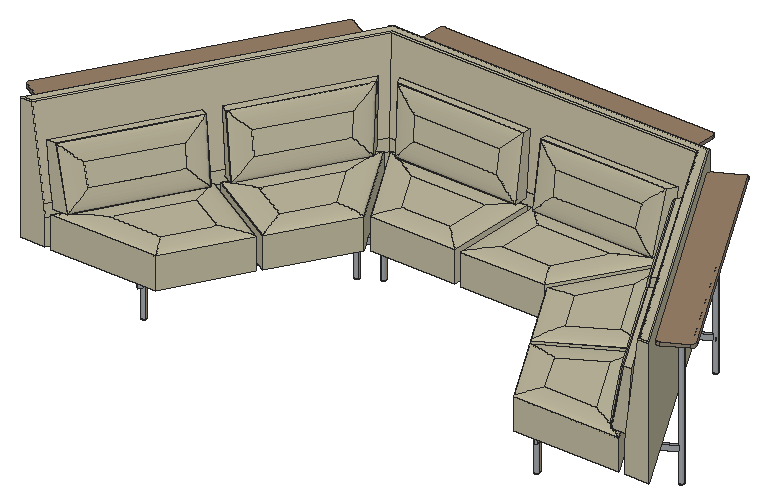
Revit family "Reveal Mid Back 983-173AS", category Furniture, Revit 2016
Family settings
  OmniClass Number = 23.40.20.00
  OmniClass Title = General Furniture and Specialties
  Work Plane-Based = No
  Always vertical = Yes
  Cut with Voids When Loaded = No
  Shared = No
  Room Calculation Point = No
Parameters
  URL = "http://www.martinbrattrud.com"
  Table Top [instance] = none
  SCS Certified Product = "Yes"
  Model = "Reveal 983-173 AS"
  Manufacturer = "Martin Brattrud, Inc."
  Leg = none
  Keynote = "125000"
  Copyright = "© 2013 Martin Brattrud, Inc."
  Chair [instance] = none
  Back Cushion [instance] = none
  Authoring Version = "Revit Architecture 2010"
  Assembly Code = "E2020200"
Reference planes
  plane 1 "Center Front/Back": y = 0
  plane 2: z = 0
  plane 3 "Center Left/Right": x = 0
  plane 4: z = 0
  plane 5: z = 1060.45
Forms (mm)
  Sweep 1, solid, material <- "Chair"
    path in 3D
      loop
        line (-19.05, -390.525, 431.8) -> (-19.05, 212.725, 431.8) -> (-926.137, 212.725, 431.8) -> (-577.85, -390.525, 431.8) -> (-19.05, -390.525, 431.8)
    profile origin (-298.45, -390.525, 431.8) x (0, 1, 0) y (0, 0, 1)
      loop
        line (153.194, 0) -> (153.194, 19.05)
        spline (153.194, 19.05) -> (133.302, 18.887) -> (113.75, 18.401) -> (94.873, 17.6) -> (76.994, 16.498) -> (60.419, 15.113) -> (45.431, 13.47) -> (32.287, 11.597) -> (21.211, 9.525) -> (12.395, 7.29) -> (5.987, 4.931) -> (2.098, 2.487) -> (0.794, 0)
        line (0.794, 0) -> (153.194, 0)
  Extrusion 2, void
    sketch origin (0, -938.609, 558.8) x (0, 1, 0) y (0, 0, 1)
      loop
        line (-471.831, 501.65) -> (-471.037, 501.65)
        arc (-471.037, 501.65) -> (-469.178, 506.14) -> (-464.687, 508) r 6.35
        line (-464.687, 508) -> (-464.687, 514.35) -> (-560.731, 514.35) -> (-560.731, -330.2) -> (-471.831, -330.2) -> (-471.831, 501.65)
    from -2133.6 to 2133.6
  Extrusion 3, solid, material <- "Leg"
    sketch origin (0, 0, 0) x (1, 0, 0) y (0, 1, 0)
      loop
        line (-603.25, 494.783) -> (-603.25, 146.05) -> (-909.639, 146.05) -> (-1062.833, -119.29) -> (-1365.293, 55.335) -> (-1374.818, 38.837) -> (-1072.358, -135.788) -> (-1656.558, -1147.652) -> (-1959.018, -973.027) -> (-1968.543, -989.525) -> (-1319.63, -1364.175) -> (-1333.917, -1388.922) -> (-1317.419, -1398.447) -> (-667.671, -273.05) -> (667.671, -273.05) -> (1317.419, -1398.447) -> (1333.917, -1388.922) -> (1319.63, -1364.175) -> (1968.543, -989.525) -> (1959.018, -973.027) -> (1656.558, -1147.652) -> (1072.358, -135.788) -> (1374.818, 38.837) -> (1365.293, 55.335) -> (1062.833, -119.29) -> (909.639, 146.05) -> (603.25, 146.05) -> (603.25, 494.783) -> (584.2, 494.783) -> (584.2, 146.05) -> (-584.2, 146.05) -> (-584.2, 494.783) -> (-603.25, 494.783)
      loop
        line (-584.2, -254) -> (-127, -254) -> (-127, 127) -> (-584.2, 127) -> (-584.2, -254)
      loop
        line (-603.25, -254) -> (-603.25, 127) -> (-898.64, 127) -> (-1046.335, -128.815) -> (-716.38, -319.315) -> (-678.67, -254) -> (-603.25, -254)
      loop
        line (-107.95, 127) -> (-107.95, -254) -> (107.95, -254) -> (107.95, 127) -> (-107.95, 127)
      loop
        line (584.2, -254) -> (584.2, 127) -> (127, 127) -> (127, -254) -> (584.2, -254)
      loop
        line (-725.905, -335.813) -> (-1055.86, -145.313) -> (-1284.46, -541.26) -> (-954.505, -731.76) -> (-725.905, -335.813)
      loop
        line (-1401.935, -744.733) -> (-1071.98, -935.233) -> (-964.03, -748.258) -> (-1293.985, -557.758) -> (-1401.935, -744.733)
      loop
        line (-1081.505, -951.731) -> (-1411.46, -761.231) -> (-1640.06, -1157.177) -> (-1310.105, -1347.677) -> (-1081.505, -951.731)
      loop
        line (603.25, -254) -> (678.67, -254) -> (716.38, -319.315) -> (1046.335, -128.815) -> (898.64, 127) -> (603.25, 127) -> (603.25, -254)
      loop
        line (725.905, -335.813) -> (954.505, -731.76) -> (1284.46, -541.26) -> (1055.86, -145.313) -> (725.905, -335.813)
      loop
        line (1401.935, -744.733) -> (1293.985, -557.758) -> (964.03, -748.258) -> (1071.98, -935.233) -> (1401.935, -744.733)
      loop
        line (1081.505, -951.731) -> (1310.105, -1347.677) -> (1640.06, -1157.177) -> (1411.46, -761.231) -> (1081.505, -951.731)
    from 190.472 to 228.6
  Extrusion 4, solid, material <- "Leg"
    sketch origin (0, 0, 0) x (1, 0, 0) y (0, 1, 0)
      loop
        line (-584.2, 276.225) -> (584.2, 276.225) -> (584.2, 352.425) -> (-584.2, 352.425) -> (-584.2, 276.225)
      loop
        line (-1769.293, -1082.565) -> (-1185.093, -70.701) -> (-1251.084, -32.601) -> (-1835.284, -1044.465) -> (-1769.293, -1082.565)
      loop
        line (1769.293, -1082.565) -> (1835.284, -1044.465) -> (1251.084, -32.601) -> (1185.093, -70.701) -> (1769.293, -1082.565)
    from 203.2 to 228.6
  Sweep 5, solid, material <- "Chair"
    path origin (0, 0, 0) x (1, 0, 0) y (0, 1, 0)
      loop
        line (2090.574, -1410.441) -> (1050.786, 390.525) -> (-1050.786, 390.525) -> (-2090.574, -1410.441)
    profile origin (0, 390.525, 0) x (0, -1, 0) y (0, 0, 1)
      loop
        line (0, 1060.45) -> (0, 228.6) -> (139.7, 228.6) -> (139.7, 401.904)
        arc (139.7, 401.904) -> (138.491, 441.381) -> (134.868, 480.71) r 645.001
        line (134.868, 480.71) -> (63.5, 1060.45) -> (0, 1060.45)
  Extrusion 6, solid, material <- "Chair"
    sketch origin (0, 0, 0) x (1, 0, 0) y (0, 1, 0)
      loop
        line (-1431.725, -624.881) -> (-1885.269, -1410.441) -> (-1188.696, -1410.441) -> (-909.296, -926.506) -> (-1431.725, -624.881)
      loop
        line (-610.846, -409.575) -> (-959.132, 193.675) -> (-1412.675, -591.885) -> (-890.246, -893.51) -> (-610.846, -409.575)
      loop
        line (-926.137, 212.725) -> (-577.85, -390.525) -> (-19.05, -390.525) -> (-19.05, 212.725) -> (-926.137, 212.725)
      loop
        line (1431.725, -624.881) -> (909.296, -926.506) -> (1188.696, -1410.441) -> (1885.269, -1410.441) -> (1431.725, -624.881)
      loop
        line (610.846, -409.575) -> (890.246, -893.51) -> (1412.675, -591.885) -> (959.132, 193.675) -> (610.846, -409.575)
      loop
        line (926.137, 212.725) -> (19.05, 212.725) -> (19.05, -390.525) -> (577.85, -390.525) -> (926.137, 212.725)
    from 228.6 to 431.8
  Extrusion 7, solid, material <- "Chair"
    sketch origin (0, 0, 0) x (1, 0, 0) y (0, 1, 0)
      loop
        line (-660.797, 59.531) -> (-489.404, -237.331) -> (-172.244, -237.331) -> (-172.244, 59.531) -> (-660.797, 59.531)
    from 431.8 to 450.85
  Sweep 8, solid, material <- "Chair"
    path in 3D
      loop
        line (19.05, -390.525, 431.8) -> (19.05, 212.725, 431.8) -> (926.137, 212.725, 431.8) -> (577.85, -390.525, 431.8) -> (19.05, -390.525, 431.8)
    profile origin (298.45, -390.525, 431.8) x (0, -1, 0) y (0, 0, 1)
      loop
        line (-153.194, 0) -> (-0.794, 0)
        spline (-0.794, 0) -> (-2.098, 2.487) -> (-5.987, 4.931) -> (-12.395, 7.29) -> (-21.211, 9.525) -> (-32.287, 11.597) -> (-45.431, 13.47) -> (-60.419, 15.113) -> (-76.994, 16.498) -> (-94.873, 17.6) -> (-113.75, 18.401) -> (-133.302, 18.887) -> (-153.194, 19.05)
        line (-153.194, 19.05) -> (-153.194, 0)
  Extrusion 9, solid, material <- "Chair"
    sketch origin (0, 0, 0) x (-1, 0, 0) y (0, -1, 0)
      loop
        line (-660.797, -59.531) -> (-172.244, -59.531) -> (-172.244, 237.331) -> (-489.404, 237.331) -> (-660.797, -59.531)
    from 431.8 to 450.85
  Sweep 10, solid, material <- "Chair"
    path in 3D
      loop
        line (-909.296, -926.506, 431.8) -> (-1431.725, -624.881, 431.8) -> (-1885.269, -1410.441, 431.8) -> (-1188.696, -1410.441, 431.8) -> (-909.296, -926.506, 431.8)
    profile origin (-1048.996, -1168.473, 431.8) x (-0.866025, 0.5, 0) y (0, 0, 1)
      loop
        line (153.194, 0) -> (153.194, 19.05)
        spline (153.194, 19.05) -> (133.302, 18.887) -> (113.75, 18.401) -> (94.873, 17.6) -> (76.994, 16.498) -> (60.419, 15.113) -> (45.431, 13.47) -> (32.287, 11.597) -> (21.211, 9.525) -> (12.395, 7.29) -> (5.987, 4.931) -> (2.098, 2.487) -> (0.794, 0)
        line (0.794, 0) -> (153.194, 0)
  Extrusion 11, solid, material <- "Chair"
    sketch origin (-1237.975, -714.745, 0) x (0.5, 0.866025, 0) y (-0.866025, 0.5, 0)
      loop
        line (-660.797, 59.531) -> (-489.404, -237.331) -> (-172.244, -237.331) -> (-172.244, 59.531) -> (-660.797, 59.531)
    from 431.8 to 450.85
  Sweep 12, solid, material <- "Chair"
    path in 3D
      loop
        line (-890.246, -893.51, 431.8) -> (-1412.675, -591.885, 431.8) -> (-959.132, 193.675, 431.8) -> (-610.846, -409.575, 431.8) -> (-890.246, -893.51, 431.8)
    profile origin (-750.546, -651.542, 431.8) x (0.866025, -0.5, 0) y (0, 0, 1)
      loop
        line (-153.194, 0) -> (-0.794, 0)
        spline (-0.794, 0) -> (-2.098, 2.487) -> (-5.987, 4.931) -> (-12.395, 7.29) -> (-21.211, 9.525) -> (-32.287, 11.597) -> (-45.431, 13.47) -> (-60.419, 15.113) -> (-76.994, 16.498) -> (-94.873, 17.6) -> (-113.75, 18.401) -> (-133.302, 18.887) -> (-153.194, 19.05)
        line (-153.194, 19.05) -> (-153.194, 0)
  Extrusion 13, solid, material <- "Chair"
    sketch origin (-1237.975, -714.745, 0) x (-0.5, -0.866025, 0) y (0.866025, -0.5, 0)
      loop
        line (-660.797, -59.531) -> (-172.244, -59.531) -> (-172.244, 237.331) -> (-489.404, 237.331) -> (-660.797, -59.531)
    from 431.8 to 450.85
  Sweep 14, solid, material <- "Chair"
    path in 3D
      loop
        line (909.296, -926.506, 431.8) -> (1431.725, -624.881, 431.8) -> (1885.269, -1410.441, 431.8) -> (1188.696, -1410.441, 431.8) -> (909.296, -926.506, 431.8)
    profile origin (1048.996, -1168.473, 431.8) x (-0.866025, -0.5, 0) y (0, 0, 1)
      loop
        line (-153.194, 0) -> (-0.794, 0)
        spline (-0.794, 0) -> (-2.098, 2.487) -> (-5.987, 4.931) -> (-12.395, 7.29) -> (-21.211, 9.525) -> (-32.287, 11.597) -> (-45.431, 13.47) -> (-60.419, 15.113) -> (-76.994, 16.498) -> (-94.873, 17.6) -> (-113.75, 18.401) -> (-133.302, 18.887) -> (-153.194, 19.05)
        line (-153.194, 19.05) -> (-153.194, 0)
  Extrusion 15, solid, material <- "Chair"
    sketch origin (1237.975, -714.745, 0) x (-0.5, 0.866025, 0) y (-0.866025, -0.5, 0)
      loop
        line (-660.797, -59.531) -> (-172.244, -59.531) -> (-172.244, 237.331) -> (-489.404, 237.331) -> (-660.797, -59.531)
    from 431.8 to 450.85
  Sweep 16, solid, material <- "Chair"
    path in 3D
      loop
        line (890.246, -893.51, 431.8) -> (1412.675, -591.885, 431.8) -> (959.132, 193.675, 431.8) -> (610.846, -409.575, 431.8) -> (890.246, -893.51, 431.8)
    profile origin (750.546, -651.542, 431.8) x (0.866025, 0.5, 0) y (0, 0, 1)
      loop
        line (153.194, 0) -> (153.194, 19.05)
        spline (153.194, 19.05) -> (133.302, 18.887) -> (113.75, 18.401) -> (94.873, 17.6) -> (76.994, 16.498) -> (60.419, 15.113) -> (45.431, 13.47) -> (32.287, 11.597) -> (21.211, 9.525) -> (12.395, 7.29) -> (5.987, 4.931) -> (2.098, 2.487) -> (0.794, 0)
        line (0.794, 0) -> (153.194, 0)
  Extrusion 17, solid, material <- "Chair"
    sketch origin (1237.975, -714.745, 0) x (0.5, -0.866025, 0) y (0.866025, 0.5, 0)
      loop
        line (-660.797, 59.531) -> (-489.404, -237.331) -> (-172.244, -237.331) -> (-172.244, 59.531) -> (-660.797, 59.531)
    from 431.8 to 450.85
  Sweep 18, solid, material <- "Chair"
    path origin (0, 0, 0) x (1, 0, 0) y (0, 1, 0)
      loop
        line (-1965.11, -1372.341) -> (-999.053, 300.919) -> (999.053, 300.919) -> (1965.11, -1372.341)
    profile origin (0, 300.919, 0) x (0, 1, 0) y (0, 0, 1)
      loop
        line (-48.848, 447.17) -> (-16.628, 844.552) -> (-67.428, 844.552) -> (-136.165, 447.17) -> (-48.848, 447.17)
  Extrusion 19, void
    sketch origin (0, 0, 0) x (1, 0, 0) y (0, 1, 0)
      loop
        line (-1527.154, -613.779) -> (-1401.282, -686.451) -> (-1344.132, -587.464) -> (-1470.004, -514.792) -> (-1527.154, -613.779)
      loop
        line (-930.152, 67.28) -> (-831.165, 124.43) -> (-950.632, 331.352) -> (-1049.618, 274.202) -> (-930.152, 67.28)
      loop
        line (-1797.28, -1372.341) -> (-1968.73, -1372.341) -> (-1968.73, -1467.591) -> (-1797.28, -1467.591) -> (-1797.28, -1372.341)
      loop
        line (1527.154, -613.779) -> (1470.004, -514.792) -> (1344.132, -587.464) -> (1401.282, -686.451) -> (1527.154, -613.779)
      loop
        line (930.152, 67.28) -> (1049.618, 274.202) -> (950.632, 331.352) -> (831.165, 124.43) -> (930.152, 67.28)
      loop
        line (1797.28, -1372.341) -> (1797.28, -1467.591) -> (1968.73, -1467.591) -> (1968.73, -1372.341) -> (1797.28, -1372.341)
      loop
        line (-57.15, 300.919) -> (-57.15, 155.575) -> (57.15, 155.575) -> (57.15, 300.919) -> (-57.15, 300.919)
    from 447.17 to 844.552
  Extrusion 20, solid, material <- "Table Top"
    sketch origin (0, 0, 0) x (1, 0, 0) y (0, 1, 0)
      loop
        line (-1331.241, 361.964) -> (-2217.066, -1172.33)
        arc (-2217.066, -1172.33) -> (-2219.603, -1191.604) -> (-2207.769, -1207.027) r 25.4
        line (-2207.769, -1207.027) -> (-2064.788, -1289.577)
        arc (-2064.788, -1289.577) -> (-2045.514, -1292.114) -> (-2030.091, -1280.28) r 25.4
        line (-2030.091, -1280.28) -> (-1144.266, 254.014)
        arc (-1144.266, 254.014) -> (-1141.728, 273.288) -> (-1153.563, 288.711) r 25.4
        line (-1153.563, 288.711) -> (-1296.544, 371.261)
        arc (-1296.544, 371.261) -> (-1315.818, 373.799) -> (-1331.241, 361.964) r 25.4
      loop
        line (885.825, 619.125) -> (-885.825, 619.125)
        arc (-885.825, 619.125) -> (-903.786, 611.686) -> (-911.225, 593.725) r 25.4
        line (-911.225, 593.725) -> (-911.225, 428.625)
        arc (-911.225, 428.625) -> (-903.786, 410.664) -> (-885.825, 403.225) r 25.4
        line (-885.825, 403.225) -> (885.825, 403.225)
        arc (885.825, 403.225) -> (903.786, 410.664) -> (911.225, 428.625) r 25.4
        line (911.225, 428.625) -> (911.225, 593.725)
        arc (911.225, 593.725) -> (903.786, 611.686) -> (885.825, 619.125) r 25.4
      loop
        line (2217.066, -1172.33) -> (1331.241, 361.964)
        arc (1331.241, 361.964) -> (1315.818, 373.799) -> (1296.544, 371.261) r 25.4
        line (1296.544, 371.261) -> (1153.563, 288.711)
        arc (1153.563, 288.711) -> (1141.728, 273.288) -> (1144.266, 254.014) r 25.4
        line (1144.266, 254.014) -> (2030.091, -1280.28)
        arc (2030.091, -1280.28) -> (2045.514, -1292.114) -> (2064.788, -1289.577) r 25.4
        line (2064.788, -1289.577) -> (2207.769, -1207.027)
        arc (2207.769, -1207.027) -> (2219.603, -1191.604) -> (2217.066, -1172.33) r 25.4
    from 990.6 to 1009.65
  Sweep 21, solid, material <- "Chair"
    path in 3D
      loop
        line (-894.132, 233.491, 844.552) -> (-854.447, 164.755, 447.17) -> (-57.15, 164.755, 447.17) -> (-57.15, 233.491, 844.552) -> (-894.132, 233.491, 844.552)
    profile origin (-475.641, 233.491, 844.552) x (0, -1, 0) y (0, 0, 1)
      loop
        line (0.135, -0.782) -> (25.975, -150.17) -> (41.618, -147.464) -> (37.424, -123.218)
        spline (37.424, -123.218) -> (34.465, -106.907) -> (31.289, -90.921) -> (27.95, -75.534) -> (24.505, -61.01) -> (21.014, -47.596) -> (17.536, -35.522) -> (14.131, -24.995) -> (10.857, -16.195) -> (7.769, -9.273) -> (4.921, -4.346) -> (2.362, -1.5) -> (0.135, -0.782)
  Sweep 22, solid, material <- "Chair"
    path in 3D
      loop
        line (209.55, 190.73, 597.34) -> (209.55, 175.088, 600.046)
    profile origin (209.55, 182.909, 598.693) x (0, -0.170442, -0.985368) y (1, 0, 0)
      loop
        line (0, 0) -> (0, 506.758) -> (-98.483, 516.449) -> (-98.483, 0) -> (0, 0)
  Sweep 23, solid, material <- "Chair"
    path in 3D
      loop
        line (-1298.377, -437.905, 597.34) -> (-1284.83, -445.726, 600.046)
    profile origin (-1291.604, -441.815, 598.693) x (0.147607, -0.085221, -0.985368) y (0.5, 0.866025, 0)
      loop
        line (0, 0) -> (0, 506.758) -> (-98.483, 516.449) -> (-98.483, 0) -> (0, 0)
  Sweep 24, solid, material <- "Chair"
    path in 3D
      loop
        line (1284.83, -445.726, 600.046) -> (1298.377, -437.905, 597.34)
    profile origin (1291.604, -441.815, 598.693) x (-0.147607, -0.085221, -0.985368) y (-0.5, 0.866025, 0)
      loop
        line (0, 0) -> (0, 506.758) -> (-98.483, 516.449) -> (-98.483, 0) -> (0, 0)
  Sweep 25, solid, material <- "Chair"
    path in 3D
      loop
        line (-209.55, 190.73, 597.34) -> (-209.55, 175.088, 600.046)
    profile origin (-209.55, 182.909, 598.693) x (0, 0.170442, 0.985368) y (-1, 0, 0)
      loop
        line (0, 0) -> (98.483, 0) -> (98.483, 516.449) -> (0, 506.758) -> (0, 0)
  Sweep 26, solid, material <- "Chair"
    path in 3D
      loop
        line (-1507.927, -800.856, 597.34) -> (-1494.38, -808.677, 600.046)
    profile origin (-1501.154, -804.766, 598.693) x (0, 0.326935, 0.945047) y (-0.521333, -0.806459, 0.278991)
      loop
        line (0, 0) -> (94.453, 27.884) -> (-51.772, 523.2) -> (-143.48, 486.021) -> (0, 0)
  Sweep 27, solid, material <- "Chair"
    path in 3D
      loop
        line (1507.927, -800.856, 597.34) -> (1494.38, -808.677, 600.046)
    profile origin (1501.154, -804.766, 598.693) x (0, -0.326935, -0.945047) y (0.521333, -0.806459, 0.278991)
      loop
        line (0, 0) -> (143.48, 486.021) -> (51.772, 523.2) -> (-94.453, 27.884) -> (0, 0)
  Extrusion 28, solid, material <- "Leg"
    sketch origin (0, 0, 0) x (1, 0, 0) y (0, 1, 0)
      loop
        line (603.25, 492.125) -> (584.2, 492.125) -> (584.2, 389.64) -> (603.25, 389.64) -> (603.25, 492.125)
      loop
        line (-603.25, 492.125) -> (-603.25, 389.64) -> (-584.2, 389.64) -> (-584.2, 492.125) -> (-603.25, 492.125)
      loop
        line (-1362.543, 53.747) -> (-1372.068, 37.249) -> (-1283.313, -13.993) -> (-1273.788, 2.504) -> (-1362.543, 53.747)
      loop
        line (-1965.793, -991.113) -> (-1877.038, -1042.355) -> (-1867.513, -1025.858) -> (-1956.268, -974.615) -> (-1965.793, -991.113)
      loop
        line (1362.543, 53.747) -> (1273.788, 2.504) -> (1283.313, -13.993) -> (1372.068, 37.249) -> (1362.543, 53.747)
      loop
        line (1965.793, -991.113) -> (1956.268, -974.615) -> (1867.513, -1025.858) -> (1877.038, -1042.355) -> (1965.793, -991.113)
    from 949.325 to 987.425
  Extrusion 29, solid, material <- "Leg"
    sketch origin (0, 0, 0) x (1, 0, 0) y (0, 1, 0)
      loop
        line (885.825, 593.725) -> (-885.825, 593.725) -> (-885.825, 428.625) -> (885.825, 428.625) -> (885.825, 593.725)
      loop
        line (-1309.244, 349.264) -> (-2195.069, -1185.03) -> (-2052.088, -1267.58) -> (-1166.263, 266.714) -> (-1309.244, 349.264)
      loop
        line (1309.244, 349.264) -> (1166.263, 266.714) -> (2052.088, -1267.58) -> (2195.069, -1185.03) -> (1309.244, 349.264)
    from 987.434 to 990.609
  Sweep 30, solid, material <- "Chair"
    path in 3D
      loop
        line (894.132, 233.491, 844.552) -> (854.447, 164.755, 447.17) -> (57.15, 164.755, 447.17) -> (57.15, 233.491, 844.552) -> (894.132, 233.491, 844.552)
    profile origin (475.641, 233.491, 844.552) x (0, 1, 0) y (0, 0, 1)
      loop
        spline (-0.135, -0.782) -> (-2.362, -1.5) -> (-4.921, -4.346) -> (-7.769, -9.273) -> (-10.857, -16.195) -> (-14.131, -24.995) -> (-17.536, -35.522) -> (-21.014, -47.596) -> (-24.505, -61.01) -> (-27.95, -75.534) -> (-31.289, -90.921) -> (-34.465, -106.907) -> (-37.424, -123.218)
        line (-37.424, -123.218) -> (-41.618, -147.464) -> (-25.975, -150.17) -> (-0.135, -0.782)
  Sweep 31, solid, material <- "Chair"
    path in 3D
      loop
        line (-1887.25, -1372.341, 844.552) -> (-1807.881, -1372.341, 447.17) -> (-1409.232, -681.861, 447.17) -> (-1468.759, -647.493, 844.552) -> (-1887.25, -1372.341, 844.552)
    profile origin (-1678.005, -1009.917, 844.552) x (0.866025, -0.5, 0) y (0, 0, 1)
      loop
        line (0.135, -0.782) -> (25.975, -150.17) -> (41.618, -147.464) -> (37.424, -123.218)
        spline (37.424, -123.218) -> (34.465, -106.907) -> (31.289, -90.921) -> (27.95, -75.534) -> (24.505, -61.01) -> (21.014, -47.596) -> (17.536, -35.522) -> (14.131, -24.995) -> (10.857, -16.195) -> (7.769, -9.273) -> (4.921, -4.346) -> (2.362, -1.5) -> (0.135, -0.782)
  Sweep 32, solid, material <- "Chair"
    path in 3D
      loop
        line (-993.119, 176.341, 844.552) -> (-953.434, 107.605, 447.17) -> (-1352.082, -582.874, 447.17) -> (-1411.609, -548.506, 844.552) -> (-993.119, 176.341, 844.552)
    profile origin (-1202.364, -186.083, 844.552) x (-0.866025, 0.5, 0) y (0, 0, 1)
      loop
        spline (-0.135, -0.782) -> (-2.362, -1.5) -> (-4.921, -4.346) -> (-7.769, -9.273) -> (-10.857, -16.195) -> (-14.131, -24.995) -> (-17.536, -35.522) -> (-21.014, -47.596) -> (-24.505, -61.01) -> (-27.95, -75.534) -> (-31.289, -90.921) -> (-34.465, -106.907) -> (-37.424, -123.218)
        line (-37.424, -123.218) -> (-41.618, -147.464) -> (-25.975, -150.17) -> (-0.135, -0.782)
  Sweep 33, solid, material <- "Chair"
    path in 3D
      loop
        line (993.119, 176.341, 844.552) -> (953.434, 107.605, 447.17) -> (1352.082, -582.874, 447.17) -> (1411.609, -548.506, 844.552) -> (993.119, 176.341, 844.552)
    profile origin (1202.364, -186.083, 844.552) x (-0.866025, -0.5, 0) y (0, 0, 1)
      loop
        line (0.135, -0.782) -> (25.975, -150.17) -> (41.618, -147.464) -> (37.424, -123.218)
        spline (37.424, -123.218) -> (34.465, -106.907) -> (31.289, -90.921) -> (27.95, -75.534) -> (24.505, -61.01) -> (21.014, -47.596) -> (17.536, -35.522) -> (14.131, -24.995) -> (10.857, -16.195) -> (7.769, -9.273) -> (4.921, -4.346) -> (2.362, -1.5) -> (0.135, -0.782)
  Sweep 34, solid, material <- "Chair"
    path in 3D
      loop
        line (1887.25, -1372.341, 844.552) -> (1807.881, -1372.341, 447.17) -> (1409.232, -681.861, 447.17) -> (1468.759, -647.493, 844.552) -> (1887.25, -1372.341, 844.552)
    profile origin (1678.005, -1009.917, 844.552) x (0.866025, 0.5, 0) y (0, 0, 1)
      loop
        spline (-0.135, -0.782) -> (-2.362, -1.5) -> (-4.921, -4.346) -> (-7.769, -9.273) -> (-10.857, -16.195) -> (-14.131, -24.995) -> (-17.536, -35.522) -> (-21.014, -47.596) -> (-24.505, -61.01) -> (-27.95, -75.534) -> (-31.289, -90.921) -> (-34.465, -106.907) -> (-37.424, -123.218)
        line (-37.424, -123.218) -> (-41.618, -147.464) -> (-25.975, -150.17) -> (-0.135, -0.782)
  Sweep 35, solid, material <- "Chair"
    path in 3D
      loop
        line (2035.136, -1442.448, 1060.45) -> (1013.827, 326.51, 1060.45) -> (-1013.827, 326.51, 1060.45) -> (-2035.136, -1442.448, 1060.45)
    profile origin (0, 326.51, 1060.45) x (0, -1, 0) y (0, 0, 1)
      loop
        line (-7.144, 6.35) -> (-56.78, 6.35)
        arc (-56.78, 6.35) -> (-61.27, 4.49) -> (-63.13, 0) r 6.35
        line (-63.13, 0) -> (-0.794, 0)
        arc (-0.794, 0) -> (-2.654, 4.49) -> (-7.144, 6.35) r 6.35
Cuts and joins
  Extrusion 2 cuts Sweep 5
  Extrusion 19 cuts Sweep 18
  joined: Sweep 14, Extrusion 15
  joined: Sweep 16, Extrusion 17
  joined: Sweep 8, Extrusion 9
  joined: Sweep 1, Extrusion 7
  joined: Sweep 12, Extrusion 13
  joined: Sweep 10, Extrusion 11
  joined: Sweep 26, Sweep 31
  joined: Sweep 23, Sweep 32
  joined: Sweep 21, Sweep 25
  joined: Sweep 22, Sweep 30
  joined: Sweep 24, Sweep 33
  joined: Sweep 27, Sweep 34
  Extrusion 2 cuts Sweep 35
Lines and regions (mm)
  sketch lines
    curve 1: line (-577.85, -390.525, 431.8) -> (-19.05, -390.525, 431.8)
    curve 2: line (-926.137, 212.725, 431.8) -> (-577.85, -390.525, 431.8)
    curve 3: line (-19.05, 212.725, 431.8) -> (-926.137, 212.725, 431.8)
    curve 4: line (-19.05, -390.525, 431.8) -> (-19.05, 212.725, 431.8)
    curve 5: line (577.85, -390.525, 431.8) -> (19.05, -390.525, 431.8)
    curve 6: line (926.137, 212.725, 431.8) -> (577.85, -390.525, 431.8)
    curve 7: line (19.05, 212.725, 431.8) -> (926.137, 212.725, 431.8)
    curve 8: line (19.05, -390.525, 431.8) -> (19.05, 212.725, 431.8)
    curve 9: line (-1188.696, -1410.441, 431.8) -> (-909.296, -926.506, 431.8)
    curve 10: line (-1885.269, -1410.441, 431.8) -> (-1188.696, -1410.441, 431.8)
    curve 11: line (-1431.725, -624.881, 431.8) -> (-1885.269, -1410.441, 431.8)
    curve 12: line (-909.296, -926.506, 431.8) -> (-1431.725, -624.881, 431.8)
    curve 13: line (-610.846, -409.575, 431.8) -> (-890.246, -893.51, 431.8)
    curve 14: line (-959.132, 193.675, 431.8) -> (-610.846, -409.575, 431.8)
    curve 15: line (-1412.675, -591.885, 431.8) -> (-959.132, 193.675, 431.8)
    curve 16: line (-890.246, -893.51, 431.8) -> (-1412.675, -591.885, 431.8)
    curve 17: line (1188.696, -1410.441, 431.8) -> (909.296, -926.506, 431.8)
    curve 18: line (1885.269, -1410.441, 431.8) -> (1188.696, -1410.441, 431.8)
    curve 19: line (1431.725, -624.881, 431.8) -> (1885.269, -1410.441, 431.8)
    curve 20: line (909.296, -926.506, 431.8) -> (1431.725, -624.881, 431.8)
    curve 21: line (610.846, -409.575, 431.8) -> (890.246, -893.51, 431.8)
    curve 22: line (959.132, 193.675, 431.8) -> (610.846, -409.575, 431.8)
    curve 23: line (1412.675, -591.885, 431.8) -> (959.132, 193.675, 431.8)
    curve 24: line (890.246, -893.51, 431.8) -> (1412.675, -591.885, 431.8)
    curve 25: line (-57.15, 233.491, 844.552) -> (-894.132, 233.491, 844.552)
    curve 26: line (-854.447, 164.755, 447.17) -> (-894.132, 233.491, 844.552)
    curve 27: line (-57.15, 164.755, 447.17) -> (-854.447, 164.755, 447.17)
    curve 28: line (-57.15, 233.491, 844.552) -> (-57.15, 164.755, 447.17)
    curve 29: line (209.55, 190.73, 597.34) -> (209.55, 175.088, 600.046)
    curve 30: line (-1298.377, -437.905, 597.34) -> (-1284.83, -445.726, 600.046)
    curve 31: line (1284.83, -445.726, 600.046) -> (1298.377, -437.905, 597.34)
    curve 32: line (-209.55, 190.73, 597.34) -> (-209.55, 175.088, 600.046)
    curve 33: line (-1507.927, -800.856, 597.34) -> (-1494.38, -808.677, 600.046)
    curve 34: line (1507.927, -800.856, 597.34) -> (1494.38, -808.677, 600.046)
    curve 35: line (57.15, 233.491, 844.552) -> (894.132, 233.491, 844.552)
    curve 36: line (854.447, 164.755, 447.17) -> (894.132, 233.491, 844.552)
    curve 37: line (57.15, 164.755, 447.17) -> (854.447, 164.755, 447.17)
    curve 38: line (57.15, 233.491, 844.552) -> (57.15, 164.755, 447.17)
    curve 39: line (-1468.759, -647.493, 844.552) -> (-1887.25, -1372.341, 844.552)
    curve 40: line (-1807.881, -1372.341, 447.17) -> (-1887.25, -1372.341, 844.552)
    curve 41: line (-1409.232, -681.861, 447.17) -> (-1807.881, -1372.341, 447.17)
    curve 42: line (-1468.759, -647.493, 844.552) -> (-1409.232, -681.861, 447.17)
    curve 43: line (-1411.609, -548.506, 844.552) -> (-993.119, 176.341, 844.552)
    curve 44: line (-953.434, 107.605, 447.17) -> (-993.119, 176.341, 844.552)
    curve 45: line (-1352.082, -582.874, 447.17) -> (-953.434, 107.605, 447.17)
    curve 46: line (-1411.609, -548.506, 844.552) -> (-1352.082, -582.874, 447.17)
    curve 47: line (1411.609, -548.506, 844.552) -> (993.119, 176.341, 844.552)
    curve 48: line (953.434, 107.605, 447.17) -> (993.119, 176.341, 844.552)
    curve 49: line (1352.082, -582.874, 447.17) -> (953.434, 107.605, 447.17)
    curve 50: line (1411.609, -548.506, 844.552) -> (1352.082, -582.874, 447.17)
    curve 51: line (1468.759, -647.493, 844.552) -> (1887.25, -1372.341, 844.552)
    curve 52: line (1807.881, -1372.341, 447.17) -> (1887.25, -1372.341, 844.552)
    curve 53: line (1409.232, -681.861, 447.17) -> (1807.881, -1372.341, 447.17)
    curve 54: line (1468.759, -647.493, 844.552) -> (1409.232, -681.861, 447.17)
    curve 55: line (1013.827, 326.51, 1060.45) -> (-1013.827, 326.51, 1060.45)
    curve 56: line (-1013.827, 326.51, 1060.45) -> (-2035.136, -1442.448, 1060.45)
    curve 57: line (2035.136, -1442.448, 1060.45) -> (1013.827, 326.51, 1060.45)
Nested families
  nested 1: "Reveal Leg" at (593.677, -263.525, 0) x (-1, 0, 0) z (0, 0, 1), type "Reveal Leg"
  nested 2: "Reveal Leg LAFS" at (593.725, 495.3, 0), type "Reveal Leg"
  nested 3: "Reveal Leg LAFS" at (-593.725, 495.3, 0) x (-1, 0, 0) z (0, 0, 1), type "Reveal Leg"
  nested 4: "Reveal Leg LAFS" at (-1370.055, 47.086, 0) x (0.5, 0.866, 0) z (0, 0, 1), type "Reveal Leg"
  nested 5: "Reveal Leg LAFS" at (-1963.78, -981.276, 0) x (-0.5, -0.866, 0) z (0, 0, 1), type "Reveal Leg"
  nested 6: "Reveal Leg LAFS" at (1370.055, 47.086, 0) x (-0.5, 0.866, 0) z (0, 0, 1), type "Reveal Leg"
  nested 7: "Reveal Leg LAFS" at (1963.78, -981.276, 0) x (0.5, -0.866, 0) z (0, 0, 1), type "Reveal Leg"
  nested 8: "Reveal Leg" at (-593.677, -263.525, 0), type "Reveal Leg"
  nested 9: "Reveal Leg" at (-712.917, -332.368, 0) x (-0.5, -0.866, 0) z (0, 0, 1), type "Reveal Leg"
  nested 10: "Reveal Leg" at (-1306.594, -1360.647, 0) x (0.5, 0.866, 0) z (0, 0, 1), type "Reveal Leg"
  nested 11: "Reveal Leg" at (712.917, -332.368, 0) x (0.5, -0.866, 0) z (0, 0, 1), type "Reveal Leg"
  nested 12: "Reveal Leg" at (1306.594, -1360.647, 0) x (-0.5, 0.866, 0) z (0, 0, 1), type "Reveal Leg"
Definition of nested family "Reveal Leg"
  Parameters
    URL = "http://www.martinbrattrud.com"
    SCS Certified Product = ""
    Model = ""
    Leg = none
    Manufacturer = "Martin Brattrud, Inc."
    Keynote = "125000"
    Copyright = "© 2013 Martin Brattrud, Inc."
    Authoring Version = "Revit Architecture 2010"
    Assembly Code = "E2020200"
  Reference planes
    plane 1 "Center Front/Back": y = 0
    plane 2: z = 0
    plane 3 "Center Left/Right": x = 0
    plane 4: z = 228.6
  Forms (mm)
    Revolve 1, solid, material <- "Leg"
      sketch origin (0, 0, 0) x (0, 1, 0) y (0, 0, 1)
        loop
          line (0, 228.6) -> (-15.875, 228.6) -> (-15.875, 6.35) -> (-6.35, 6.35) -> (-6.35, 3.175) -> (-15.875, 3.175) -> (-15.875, 0) -> (0, 0) -> (0, 228.6)
        axis (0, 228.6) -> (0, 0)
      angle from 0 to 360
Definition of nested family "Reveal Leg LAFS"
  Parameters
    URL = "http://www.martinbrattrud.com"
    SCS Certified Product = ""
    Model = ""
    Leg = none
    Manufacturer = "Martin Brattrud, Inc."
    Keynote = "125000"
    Copyright = "© 2013 Martin Brattrud, Inc."
    Authoring Version = "Revit Architecture 2010"
    Assembly Code = "E2020200"
  Reference planes
    plane 1 "Center Front/Back": y = 0
    plane 2: z = 0
    plane 3 "Center Left/Right": x = 0
  Forms (mm)
    Revolve 1, solid, material <- "Leg"
      sketch origin (0, 0, 0) x (0, 1, 0) y (0, 0, 1)
        loop
          line (0, 987.425) -> (-15.875, 987.425) -> (-15.875, 6.35) -> (-6.35, 6.35) -> (-6.35, 3.175) -> (-15.875, 3.175) -> (-15.875, 0) -> (0, 0) -> (0, 987.425)
        axis (0, 987.425) -> (0, 0)
      angle from 0 to 360
